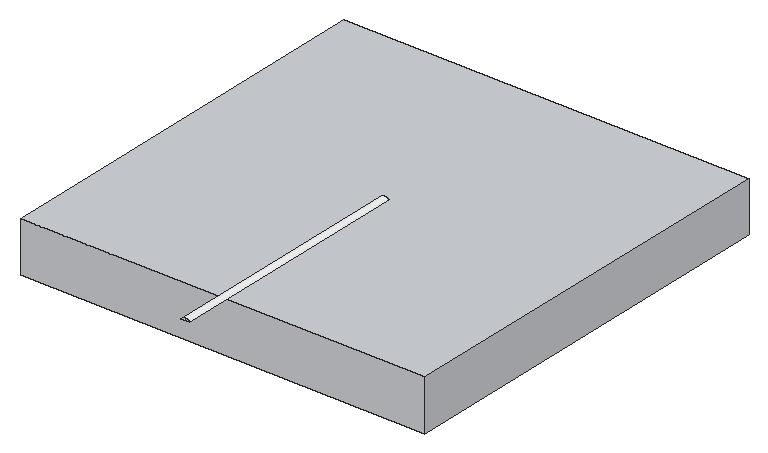
Revit family "Planet-Wattohm Colonnes Logix universelles", category Installations électriques, Revit 2020
Family settings
  Hôte = Face
  Conserver l'orientation des annotations = Non
  Cote de connecteur circulaire = Utiliser le diamètre
  Type d'élément = Normal
  Couper avec des vides une fois chargée = Non
  Partagée = Non
  Point de calcul de pièce = Non
Parameters (values of type "p. plancher 75x18 2m Blanc")
  Standard = "A clippage direct-ON_UNIVERSAL"
  Modèle = "PW-12023"
  Matériau principal = "Plastique"
  Matériau = Legrand - Plastique blanc
  L2 [instance] = if(L1 = 2000 mm, 1999 mm, 2000 mm)  # 2000 mm
  L1 [instance] = 1500 mm
  Finition = "Blanc"
  Fabricant = "PLANET WATTOHM"
  Default Elevation = 0 mm
  Description = "Passage de plancher 3 compartiments Blanc"
Reference planes
  plane 1 "Centre (avant/arrière)": y = 0
  plane 2: z = 0
  plane 3 "Centre (gauche/droite)": x = 0
  plane 4: y = -1500
  plane 5: y = -2000
Forms (mm)
  Extrusion 1, solid
    sketch origin (0, 0, 0) x (1, 0, 0) y (0, 1, 0)
      loop
        line (-1219.2, 1219.2) -> (-1219.2, -1219.2) -> (1219.2, -1219.2) -> (1219.2, 1219.2) -> (-1219.2, 1219.2)
    from 0 to -304.8
  Extrusion 2, solid, material "Legrand - Plastique blanc" <- "Matériau"
    sketch origin (0, 0, 0) x (1, 0, 0) y (0, 0, 1)
      loop
        arc (25, 0) -> (0, 12.11) -> (-25, 0) r 31.86
        line (-25, 0) -> (25, 0)
    from 0 to 1500
  Extrusion 3, void
    sketch origin (0, 0, 0) x (1, 0, 0) y (0, 1, 0)
      loop
        line (-25, -1500) -> (-25, -2000) -> (35, -2000) -> (35, -1500) -> (-25, -1500)
    from 0 to 250
Cuts and joins
  Extrusion 3 cuts Extrusion 2
Dimensions and locks
  "L1": plane 4 to plane 1 "Centre (avant/arrière)"
  "L2": plane 5 to plane 1 "Centre (avant/arrière)"
  aligned and locked: plane 2 to Extrusion 1
  aligned and locked: level to Extrusion 1
  aligned and locked: Extrusion 2 to plane 4
  aligned and locked: Extrusion 3 sketch curve to plane 4
  aligned and locked: plane 5 to Extrusion 3 sketch curve
Automatic sketch dimensions
  Extrusion 1 sketch curve to Extrusion 1 sketch curve = 2438.4 mm  (x2)
  Extrusion 2 sketch curve to level = 0 mm
  Extrusion 2 sketch curve to plane 3 "Centre (gauche/droite)" = 0 mm
  Extrusion 2 sketch curve to plane 3 "Centre (gauche/droite)" = 25 mm
  Extrusion 2 sketch curve to level = 19.749 mm
  Extrusion 3 sketch curve to plane 3 "Centre (gauche/droite)" = 25 mm
  plane 3 "Centre (gauche/droite)" to Extrusion 3 sketch curve = 35 mm
